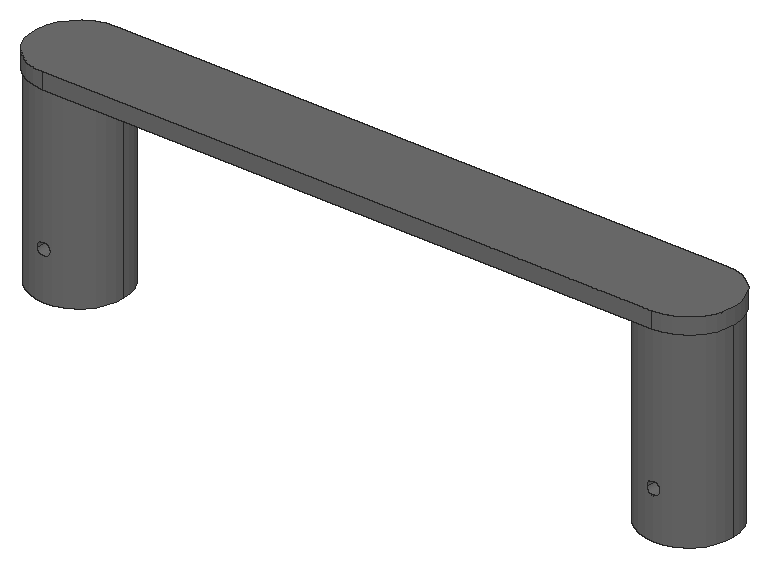
Revit family "4-ALMA-HTLCode-Ascari 220 Hand Towel Rail-Finish", category Specialty Equipment, host Face, Revit 2022
Family settings
  Host = Face
  Round Connector Dimension = Use Diameter
  Part Type = Normal
  Cut with Voids When Loaded = No
  Maintain Annotation Orientation = No
  Shared = No
  Room Calculation Point = No
Parameters (values of type "MATTE BLACK")
  URL = "https://www.buildmat.com.au/products/ascari-matte-black-220-hand-towel-rail"
  Model = "HTLBK220"
  Material = _BM_MATTE BLACK
  Manufacturer = "BUILDMAT"
  Default Elevation = 1219.2 mm
  Cost = 69
Types (4, lengths in mm): name | URL | Model | Material | Cost
  BRUSHED BRASS GOLD | "https://www.buildmat.com.au/products/ascari-brushed-brass-gold-220-hand-towel-rack" | "HTLGD220" | _BM_BRUSHED BRASS GOLD | 79
  BRUSHED GUNMETAL | "https://www.buildmat.com.au/products/ascari-brushed-gunmetal-220-hand-towel-rail" | "HTLGM220" | _BM_BRUSHED GUNMETAL | 79
  BRUSHED NICKEL | "https://www.buildmat.com.au/products/ascari-brushed-nickel-220-hand-towel-rail" | "HTLBN220" | _BM_BRUSHED NICKEL | 79
  MATTE BLACK | "https://www.buildmat.com.au/products/ascari-matte-black-220-hand-towel-rail" | "HTLBK220" | _BM_MATTE BLACK | 69
Reference planes
  plane 1 "Centro (Elevation)": y = 0
  plane 2 "Back": z = 0
  plane 3 "Centro (Izquierda/Derecha)": x = 0
  plane 4 "Top": y = 14.5
  plane 5 "Bottom": y = -14.5
  plane 6: x = -95.5
  plane 7: x = 95.5
  plane 8 "Left": x = -110
  plane 9 "Right": x = 110
  plane 10 "Front": z = 65
  plane 11: z = 60
Forms (mm)
  Extrusion 1, solid, material "_BM_MATTE BLACK" <- "Material"
    sketch origin (0, 0, 65) x (1, 0, 0) y (0, 1, 0)
      loop
        arc (-95.5, 14.5) -> (-110, 0) -> (-95.5, -14.5) r 14.5
        line (-95.5, -14.5) -> (95.5, -14.5)
        arc (95.5, -14.5) -> (110, 0) -> (95.5, 14.5) r 14.5
        line (95.5, 14.5) -> (-95.5, 14.5)
    from 0 to -5
  Extrusion 2, solid, material "_BM_MATTE BLACK" <- "Material"
    sketch origin (0, 0, 0) x (1, 0, 0) y (0, 1, 0)
      loop
        circle (-95.5, 0) r 14
    from 0 to 60
  Extrusion 3, solid, material "_BM_MATTE BLACK" <- "Material"
    sketch origin (0, 0, 0) x (1, 0, 0) y (0, 1, 0)
      loop
        circle (95.5, 0) r 14
    from 0 to 60
  Extrusion 4, void
    sketch origin (0, 0, 0) x (1, 0, 0) y (0, 0, 1)
      loop
        circle (-95.5, 15) r 2
      loop
        circle (95.5, 15) r 2
    from -14.5 to 14.5
Cuts and joins
  Extrusion 4 cuts Extrusion 1
  Extrusion 4 cuts Extrusion 2
  Extrusion 4 cuts Extrusion 3
  joined: Extrusion 1, Extrusion 2, Extrusion 3
Lines and regions (mm)
  symbolic lines, style "SpecialityEquipmentHiddenLines", detail levels medium+fine
    curve 1: circle (-95.5, 0, 0) r 14 normal (0, 0, 1)
    curve 2: circle (95.5, 0, 0) r 14 normal (0, 0, 1)
Dimensions and locks
  equal spacing: plane 4 "Top", plane 1 "Centro (Elevation)", plane 5 "Bottom"
  plane 4 "Top" to plane 5 "Bottom" = 29 mm
  equal spacing: plane 6, plane 3 "Centro (Izquierda/Derecha)", plane 7
  plane 6 to plane 7 = 191 mm
  equal spacing: plane 8 "Left", plane 3 "Centro (Izquierda/Derecha)", plane 9 "Right"
  plane 8 "Left" to plane 9 "Right" = 220 mm
  plane 2 "Back" to plane 10 "Front" = 65 mm
  plane 11 to plane 10 "Front" = 5 mm
  aligned and locked: plane 2 "Back" to host face
  aligned and locked: level to host face
  aligned and locked: plane 10 "Front" to Extrusion 1
  aligned and locked: plane 11 to Extrusion 1
  aligned and locked: Extrusion 2 to plane 2 "Back"
  aligned and locked: Extrusion 3 to plane 2 "Back"
  aligned and locked: Extrusion 3 to plane 11
  aligned and locked: Extrusion 2 to plane 11
  aligned and locked: plane 4 "Top" to Extrusion 4
  aligned and locked: Extrusion 4 to plane 5 "Bottom"
Automatic sketch dimensions
  host sketch curve to host sketch curve = 2438.4 mm  (x2)
  plane 1 "Centro (Elevation)" to Extrusion 1 sketch curve = 0 mm
  Extrusion 1 sketch curve to plane 6 = 0 mm
  Extrusion 1 sketch curve to plane 7 = 0 mm
  Extrusion 1 sketch curve to plane 5 "Bottom" = 0 mm
  plane 1 "Centro (Elevation)" to Extrusion 2 sketch curve = 0 mm
  Extrusion 2 sketch curve to plane 6 = 0 mm
  plane 1 "Centro (Elevation)" to Extrusion 3 sketch curve = 0 mm
  Extrusion 3 sketch curve to plane 7 = 0 mm
  level to Extrusion 4 sketch curve = 15 mm  (x2)
  Extrusion 4 sketch curve to plane 6 = 0 mm
  Extrusion 4 sketch curve to plane 7 = 0 mm
  plane 1 "Centro (Elevation)" to curve 1 = 0 mm
  curve 1 to plane 6 = 0 mm
  plane 1 "Centro (Elevation)" to curve 2 = 0 mm
  curve 2 to plane 7 = 0 mm
  radius of Extrusion 2 sketch curve = 14 mm
  radius of Extrusion 3 sketch curve = 14 mm
  radius of Extrusion 4 sketch curve = 2 mm  (x2)
  radius of curve 1 = 14 mm
  radius of curve 2 = 14 mm
